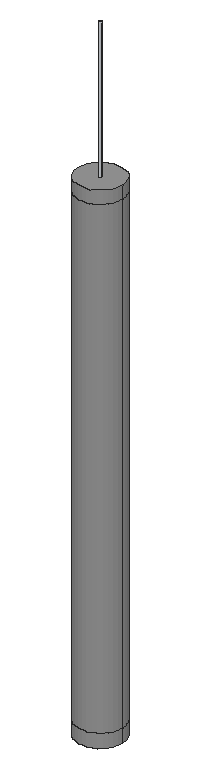
Revit family "LIBRETA_4000K_4400LM_36W_900MM", category Lighting Fixtures, host Ceiling, Revit 2021
Family settings
  Host = Ceiling
  Round Connector Dimension = Use Diameter
  Part Type = Normal
  OmniClass Number = 23.80.70.11
  OmniClass Title = Luminaries for Internal Lighting
  Always vertical = Yes
  Cut with Voids When Loaded = No
  Light Source = Yes
  Shared = No
  Room Calculation Point = No
Parameters (values of type "Type 1")
  Wattage = 29.6213 W
  built-in parameter 1150110 = 1 (stored number, unit not read)
  Type de lampe = "LED Epistar 2835"
  Type = "Suspension tubulaire"
  built-in parameter 1114217 = 1 (stored number, unit not read)
  Tilt Angle = 90.00°
  built-in parameter 1150109 = 1 (stored number, unit not read)
  built-in parameter 1150134 = 12
  built-in parameter 1150113 = 1 (stored number, unit not read)
  SDCM = "<4"
  Puissance nominale = "36W"
  Photometric Web File = "google_eulumdat_converter (11).ies"
  Matériau = "PMMA et embouts en aluminium"
  Maintien du flux = "L80B10 (50 000 heures)"
  Lumens = 4400 lm
  built-in parameter 1150115 = 1 (stored number, unit not read)
  built-in parameter 1150105 = 350.14 (stored number, unit not read)
  built-in parameter 1150137 = (empty or 0)
  built-in parameter 1150139 = (empty or 0)
  built-in parameter 1150112 = 1 (stored number, unit not read)
  built-in parameter 1150114 = 1 (stored number, unit not read)
  built-in parameter 1150132 = 2
  built-in parameter 1150102 = (empty or 0)
  built-in parameter 1150138 = (empty or 0)
  built-in parameter 1150107 = 4000 (stored number, unit not read)
  built-in parameter 1150106 = 3.5014 (stored number, unit not read)
  IRC = ">80"
  built-in parameter 1150104 = 13.8 (stored number, unit not read)
  Durée de vie = "50 000 heures"
  Driver = "Driver Lifud"
  Dimming Lamp Color Temperature Shift = <None>
  Dimensions = "ø 80 mm; H : 900 mm"
  Diffuseur = "Opale"
  Default Elevation = 0 mm
  Color Filter = 16777215
  built-in parameter 1114218 = 1 (stored number, unit not read)
  built-in parameter 1150133 = 10 (stored number, unit not read)
  Angle d'éclairage = "360°"
  Alimentation luminaire = "...mA / .....V"
  Alimentation Driver = "AC 200-240V"
Reference planes
  plane 1 "Light Source Axis (F/B)": y = 0
  plane 2: z = 0
  plane 3 "Light Source Axis (L/R)": x = 0
  plane 4 "Ceiling": z = 4000
  plane 5 "Light Source Elevation": z = 3580.854
Forms (mm)
  Extrusion 1, solid, material "Glass, White, High Luminance"
    sketch origin (0, 0, 4000) x (0, 1, 0) y (-1, 0, 0)
      loop
        circle (0, 0) r 40
    from -272.662 to -1125.45
  Extrusion 2, solid, material "Aluminum"
    sketch origin (0, 0, 4000) x (0, 1, 0) y (-1, 0, 0)
      loop
        circle (0, 0) r 40
    from -272.662 to -250
  Extrusion 3, solid, material "Aluminum"
    sketch origin (0.02, 0, 3120) x (0, 1, 0) y (-1, 0, 0)
      loop
        circle (0, 0) r 40
    from -270 to -245.45
  Extrusion 4, solid
    sketch origin (0, 0, 4000) x (0, 1, 0) y (-1, 0, 0)
      loop
        circle (0, 0) r 2.729
    from -250 to 0
Lines and regions (mm)
  reference lines
    curve 1: line (0, 0, 3750) -> (0, 0, 3150)
    curve 2: line (0, 0, 3750) -> (0, 0, 2850)
    curve 3: line (0, 0, 2850) -> (-20, 0, 2850)
Dimensions and locks
  equal spacing: host sketch curve, plane 3 "Light Source Axis (L/R)", host sketch curve
  equal spacing: host sketch curve, plane 1 "Light Source Axis (F/B)", host sketch curve
  host sketch curve to host sketch curve = 4000 mm  (x2)
  plane 4 "Ceiling" to host ceiling = 0 mm
  aligned and locked: plane 1 "Light Source Axis (F/B)" to imposter light
  aligned and locked: plane 5 "Light Source Elevation" to imposter light
